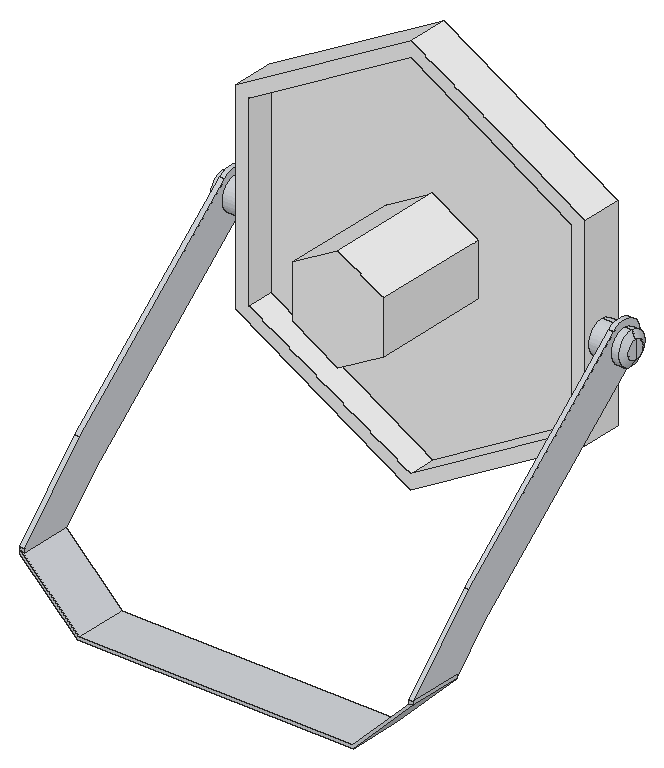
Revit family "Lighting-Proiezione-GEWISS-ESALITE-FL-PROIETTORI-LED_12K_DALI", category Apparecchi per illuminazione, host Superficie, Revit 2019 (continued)
Types (12, lengths in mm): name | Versioni | Temperatura di colore: | Scheda Tecnica | Ottica | built-in parameter 1150142 | Modello | Lumen output (lm) | IDT | Flusso nominale (lm) | File diagramma fotometrico | Descrizione
  GWS6422GD30K - ESALITE 12K 30° 3000K PRO+V GR.DALI | "Luce calda 3000K" | "3000 K (CRI>80)" | "https://www.gewiss.com/it/it/search?q=GWS6422GD30K" | "30°" | "IESNA:LM-63-2002\r\n[TEST] GWS6422GD30K\r\n[TESTLAB] GEWISS\r\n[TESTDATE] 31 Aug 2018\r\n[ISSUEDATE] 31 Aug 2018\r\n[MANUFAC] GEWISS\r\n[LUMCAT] GWS6422GD30K\r\n[LUMINAIRE] ESALITE FL 12K+GLAS 30° GR. DALI LED830\r\n[FLASHAREA] 0.030706\r\n[LAMPCAT] LED 112W/3000K - 10800lm\r\n[LAMP] LED 112W/3000K - 10800lm\r\nTILT=NONE\r\n1 10800.00 1.0 34 19 1 2 -0.402 -0.402 0.000\r\n1.00 1.00 112.00\r\n0.00 1.00 2.00 3.00 4.00 5.00 6.00 7.00 8.00 9.00 10.00 \r\n11.00 12.00 13.00 14.00 15.00 17.50 20.00 22.50 25.00 \r\n27.50 30.00 35.00 40.00 45.00 50.00 55.00 60.00 65.00 \r\n70.00 75.00 80.00 85.00 90.00 \r\n0.00 5.00 10.00 15.00 20.00 25.00 30.00 35.00 40.00 45.00 \r\n50.00 55.00 60.00 65.00 70.00 75.00 80.00 85.00 90.00 \r\n20023.20 19867.68 19446.48 18780.12 18014.40 17047.80 \r\n15987.24 14801.40 13611.24 12410.28 11331.36 10443.49 \r\n9832.10 9406.04 9097.60 8846.93 8139.10 7166.02 6088.28 \r\n5236.92 4624.13 4073.33 2976.48 1936.55 809.02 641.46 \r\n642.24 719.45 622.80 499.82 377.07 242.77 91.82 0.31 \r\n20023.20 19856.88 19436.76 18777.96 18007.92 17061.84 \r\n16002.36 14824.08 13641.48 12449.16 11381.04 10500.52 \r\n9895.72 9467.50 9160.99 8913.24 8209.51 7234.06 6151.68 \r\n5285.95 4661.60 4105.84 2998.73 1948.86 811.10 640.90 \r\n641.35 717.75 624.62 499.99 379.24 246.40 92.51 0.31 \r\n20023.20 19862.28 19441.08 18781.20 18004.68 17061.84 \r\n15996.96 14817.60 13628.52 12431.88 11358.36 10482.48 \r\n9874.76 9442.22 9137.23 8888.29 8188.45 7211.92 6140.02 \r\n5267.81 4646.27 4095.04 2996.03 1943.57 811.37 642.34 \r\n641.74 714.50 626.10 498.45 384.05 249.25 93.34 0.32 \r\n20023.20 19862.28 19442.16 18788.76 18007.92 17051.04 \r\n15984.00 14804.64 13610.16 12409.20 11336.76 10468.22 \r\n9856.51 9419.11 9115.85 8865.61 8184.24 7209.00 6142.82 \r\n5256.90 4632.98 4091.58 3001.00 1944.22 813.05 641.95 \r\n641.07 711.97 625.61 497.51 391.26 251.11 91.88 0.34 \r\n20023.20 19863.36 19442.16 18800.64 18026.28 17068.32 \r\n16002.36 14824.08 13633.92 12437.28 11361.60 10486.37 \r\n9868.39 9429.59 9123.62 8874.68 8208.54 7243.02 6170.80 \r\n5271.70 4636.55 4099.79 3011.58 1943.14 812.49 641.97 \r\n641.03 708.04 625.32 499.39 398.75 253.18 90.08 0.35 \r\n20023.20 19862.28 19442.16 18804.96 18023.04 17059.68 \r\n15998.04 14821.92 13628.52 12430.80 11362.68 10487.12 \r\n9870.88 9429.26 9116.71 8869.50 8211.56 7247.77 6170.15 \r\n5264.46 4625.86 4094.50 3022.49 1949.29 815.48 642.64 \r\n640.97 709.35 627.13 501.63 399.95 252.31 89.27 0.38 \r\n20023.20 19863.36 19437.84 18790.92 18028.44 17061.84 \r\n16000.20 14815.44 13619.88 12418.92 11355.12 10469.95 \r\n9854.68 9411.34 9096.73 8844.66 8195.58 7242.59 6167.12 \r\n5256.90 4612.14 4083.26 3024.43 1950.05 815.07 641.20 \r\n638.71 707.57 626.12 500.48 399.97 250.46 86.83 0.39 \r\n20023.20 19863.36 19452.96 18811.44 18046.80 17088.84 \r\n16019.64 14841.36 13651.20 12454.56 11384.28 10494.25 \r\n9882.22 9439.63 9122.22 8867.45 8223.12 7272.07 6190.02 \r\n5271.48 4617.76 4090.18 3035.34 1956.64 816.37 642.72 \r\n639.66 709.67 629.26 501.72 401.40 250.89 87.77 0.41 \r\n20023.20 19856.88 19441.08 18803.88 18033.84 17080.20 \r\n16004.52 14828.40 13640.40 12441.60 11372.40 10477.51 \r\n9862.99 9416.95 9097.38 8842.50 8199.36 7246.91 6170.15 \r\n5252.15 4599.83 4079.38 3032.42 1954.48 818.14 642.95 \r\n638.96 710.34 629.64 499.12 400.92 251.11 87.79 0.43 \r\n20023.20 19851.48 19442.16 18811.44 18036.00 17079.12 \r\n16004.52 14824.08 13636.08 12434.04 11362.68 10468.12 \r\n9855.22 9408.53 9091.01 8834.40 8192.12 7246.37 6177.60 \r\n5258.20 4602.42 4081.54 3033.94 1954.80 818.10 641.92 \r\n638.43 714.03 629.91 496.62 394.51 248.38 89.59 0.45 \r\n20023.20 19862.28 19452.96 18826.56 18051.12 17093.16 \r\n16016.40 14832.72 13643.64 12438.36 11362.68 10465.63 \r\n9849.49 9397.30 9078.48 8819.60 8177.22 7235.14 6170.80 \r\n5249.02 4594.75 4073.44 3028.10 1952.64 817.66 641.75 \r\n638.36 721.80 630.73 498.41 385.16 248.38 91.30 0.47 \r\n20023.20 19867.68 19457.28 18823.32 18057.60 17107.20 \r\n16019.64 14832.72 13641.48 12439.44 11370.24 10478.70 \r\n9860.40 9407.77 9083.45 8819.71 8164.91 7221.20 6160.86 \r\n5245.02 4597.34 4071.92 3027.13 1952.32 821.08 642.58 \r\n638.86 725.50 628.57 499.72 380.19 243.16 89.68 0.49 \r\n20023.20 19867.68 19467.00 18833.04 18065.16 17125.56 \r\n16042.32 14858.64 13672.80 12474.00 11406.96 10519.09 \r\n9896.26 9444.71 9113.80 8843.58 8182.40 7237.51 6177.38 \r\n5270.08 4624.78 4090.72 3031.13 1958.80 825.18 643.15 \r\n639.53 727.13 629.69 501.49 380.57 240.68 89.20 0.51 \r\n20023.20 19862.28 19452.96 18826.56 18051.12 17114.76 \r\n16031.52 14842.44 13652.28 12451.32 11378.88 10492.74 \r\n9867.74 9415.66 9078.16 8806.75 8141.26 7199.39 6148.33 \r\n5258.52 4622.94 4089.96 3026.27 1956.42 823.55 641.09 \r\n637.37 722.97 628.07 498.54 379.68 244.17 89.81 0.53 \r\n20023.20 19873.08 19468.08 18836.28 18065.16 17122.32 \r\n16033.68 14850.00 13662.00 12462.12 11391.84 10513.48 \r\n9892.04 9437.58 9097.49 8817.23 8141.36 7195.93 6145.74 \r\n5260.79 4630.50 4094.06 3028.86 1958.04 824.66 642.54 \r\n638.47 719.98 630.72 497.94 382.20 246.94 88.76 0.54 \r\n20023.20 19868.76 19463.76 18837.36 18067.32 17130.96 \r\n16046.64 14866.20 13680.36 12482.64 11413.44 10550.63 \r\n9928.55 9472.79 9125.14 8839.58 8150.00 7193.34 6144.23 \r\n5268.78 4647.13 4106.38 3035.66 1962.68 827.42 643.18 \r\n638.92 715.90 630.83 497.87 395.45 243.73 86.57 0.57 \r\n20023.20 19874.16 19469.16 18836.28 18077.04 17128.80 \r\n16042.32 14851.08 13657.68 12452.40 11372.40 10514.02 \r\n9891.50 9434.99 9083.23 8795.30 8092.98 7135.02 6104.48 \r\n5246.53 4637.09 4097.52 3027.56 1958.69 826.96 643.24 \r\n638.36 710.75 628.81 496.30 398.09 244.35 83.62 0.58 \r\n20023.20 19874.16 19463.76 18837.36 18060.84 17140.68 \r\n16048.80 14859.72 13668.48 12463.20 11379.96 10536.05 \r\n9915.37 9454.86 9105.91 8819.17 8112.96 7147.55 6117.88 \r\n5256.79 4649.08 4106.92 3033.50 1965.49 829.67 643.15 \r\n638.60 710.04 628.92 496.26 397.12 244.91 84.15 0.60 \r\n20023.20 19867.68 19457.28 18836.28 18081.36 17138.52 \r\n16063.92 14869.44 13677.12 12476.16 11391.84 10551.92 \r\n9931.25 9471.60 9131.72 8839.69 8118.14 7140.20 6106.86 \r\n5248.91 4639.68 4098.06 3029.29 1964.84 828.55 643.42 \r\n638.97 709.35 627.77 497.23 394.78 250.95 82.45 0.60 \r\n" | "GWS6422GD30K" | "10800" | "af8b1cbe69764850b4f1b65c186a3546" | "14000" | "GWS6422GD30K.IES" | "ESALITE 12K 30° 3000K PRO+V GR.DALI"
  GWS6422GD57K - ESALITE 12K 30° 5700K PRO+V GR.DALI | "Luce fredda 5700K" | "5700 K (CRI>80)" | "https://www.gewiss.com/it/it/search?q=GWS6422GD57K" | "30°" | "IESNA:LM-63-2002\r\n[TEST] GWS6422GD57K\r\n[TESTLAB] GEWISS\r\n[TESTDATE] 31 Aug 2018\r\n[ISSUEDATE] 31 Aug 2018\r\n[MANUFAC] GEWISS\r\n[LUMCAT] GWS6422GD57K\r\n[LUMINAIRE] ESALITE FL 12K+GLAS 30° GR. DALI LED857\r\n[FLASHAREA] 0.030706\r\n[LAMPCAT] LED 112W/5700K - 11600lm\r\n[LAMP] LED 112W/5700K - 11600lm\r\nTILT=NONE\r\n1 11600.00 1.0 34 19 1 2 -0.402 -0.402 0.000\r\n1.00 1.00 112.00\r\n0.00 1.00 2.00 3.00 4.00 5.00 6.00 7.00 8.00 9.00 10.00 \r\n11.00 12.00 13.00 14.00 15.00 17.50 20.00 22.50 25.00 \r\n27.50 30.00 35.00 40.00 45.00 50.00 55.00 60.00 65.00 \r\n70.00 75.00 80.00 85.00 90.00 \r\n0.00 5.00 10.00 15.00 20.00 25.00 30.00 35.00 40.00 45.00 \r\n50.00 55.00 60.00 65.00 70.00 75.00 80.00 85.00 90.00 \r\n21506.40 21339.36 20886.96 20171.24 19348.80 18310.60 \r\n17171.48 15897.80 14619.48 13329.56 12170.72 11217.08 \r\n10560.41 10102.79 9771.49 9502.26 8741.99 7696.83 6539.27 \r\n5624.84 4966.66 4375.06 3196.96 2080.00 868.94 688.97 \r\n689.82 772.75 668.94 536.85 405.00 260.76 98.62 0.33 \r\n21506.40 21327.76 20876.52 20168.92 19341.84 18325.68 \r\n17187.72 15922.16 14651.96 13371.32 12224.08 11278.33 \r\n10628.73 10168.79 9839.58 9573.48 8817.62 7769.91 6607.36 \r\n5677.50 5006.91 4409.97 3220.86 2093.22 871.18 688.38 \r\n688.85 770.91 670.89 537.02 407.33 264.65 99.36 0.33 \r\n21506.40 21333.56 20881.16 20172.40 19338.36 18325.68 \r\n17181.92 15915.20 14638.04 13352.76 12199.72 11258.96 \r\n10606.23 10141.65 9814.06 9546.68 8795.00 7746.13 6594.83 \r\n5658.02 4990.44 4398.37 3217.96 2087.54 871.47 689.92 \r\n689.27 767.42 672.48 535.37 412.50 267.72 100.26 0.35 \r\n21506.40 21333.56 20882.32 20180.52 19341.84 18314.08 \r\n17168.00 15901.28 14618.32 13328.40 12176.52 11243.65 \r\n10586.62 10116.82 9791.10 9522.32 8790.48 7743.00 6597.85 \r\n5646.30 4976.17 4394.66 3223.29 2088.23 873.27 689.50 \r\n688.55 764.71 671.95 534.37 420.24 269.71 98.69 0.36 \r\n21506.40 21334.72 20882.32 20193.28 19361.56 18332.64 \r\n17187.72 15922.16 14643.84 13358.56 12203.20 11263.14 \r\n10599.38 10128.08 9799.45 9532.07 8816.58 7779.54 6627.89 \r\n5662.19 4980.00 4403.48 3234.66 2087.07 872.68 689.53 \r\n688.52 760.48 671.64 536.38 428.28 271.94 96.75 0.38 \r\n21506.40 21333.56 20882.32 20197.92 19358.08 18323.36 \r\n17183.08 15919.84 14638.04 13351.60 12204.36 11263.95 \r\n10602.05 10127.73 9792.02 9526.50 8819.83 7784.64 6627.20 \r\n5654.42 4968.51 4397.79 3246.38 2093.68 875.88 690.25 \r\n688.45 761.90 673.59 538.79 429.57 271.00 95.88 0.41 \r\n21506.40 21334.72 20877.68 20182.84 19363.88 18325.68 \r\n17185.40 15912.88 14628.76 13338.84 12196.24 11245.50 \r\n10584.65 10108.47 9770.56 9499.82 8802.66 7779.08 6623.95 \r\n5646.30 4953.78 4385.73 3248.46 2094.50 875.44 688.69 \r\n686.02 759.99 672.50 537.56 429.59 269.02 93.26 0.42 \r\n21506.40 21334.72 20893.92 20204.88 19383.60 18354.68 \r\n17206.28 15940.72 14662.40 13377.12 12227.56 11271.60 \r\n10614.23 10138.86 9797.94 9524.30 8832.24 7810.74 6648.54 \r\n5661.96 4959.81 4393.15 3260.18 2101.57 876.84 690.33 \r\n687.04 762.24 675.87 538.89 431.14 269.48 94.27 0.44 \r\n21506.40 21327.76 20881.16 20196.76 19369.68 18345.40 \r\n17190.04 15926.80 14650.80 13363.20 12214.80 11253.62 \r\n10593.58 10114.50 9771.26 9497.50 8806.72 7783.72 6627.20 \r\n5641.20 4940.56 4381.55 3257.05 2099.25 878.75 690.57 \r\n686.29 762.96 676.28 536.09 430.62 269.71 94.29 0.46 \r\n21506.40 21321.96 20882.32 20204.88 19372.00 18344.24 \r\n17190.04 15922.16 14646.16 13355.08 12204.36 11243.53 \r\n10585.23 10105.46 9764.42 9488.80 8798.95 7783.14 6635.20 \r\n5647.69 4943.34 4383.87 3258.67 2099.60 878.70 689.47 \r\n685.72 766.92 676.57 533.40 423.74 266.78 96.22 0.48 \r\n21506.40 21333.56 20893.92 20221.12 19388.24 18359.32 \r\n17202.80 15931.44 14654.28 13359.72 12204.36 11240.86 \r\n10579.08 10093.39 9750.96 9472.91 8782.94 7771.07 6627.89 \r\n5637.83 4935.10 4375.17 3252.41 2097.28 878.22 689.28 \r\n685.64 775.26 677.45 535.33 413.69 266.78 98.06 0.51 \r\n21506.40 21339.36 20898.56 20217.64 19395.20 18374.40 \r\n17206.28 15931.44 14651.96 13360.88 12212.48 11254.90 \r\n10590.80 10104.64 9756.30 9473.02 8769.72 7756.11 6617.22 \r\n5633.54 4937.89 4373.55 3251.36 2096.93 881.90 690.18 \r\n686.19 779.24 675.13 536.73 408.35 261.17 96.32 0.53 \r\n21506.40 21339.36 20909.00 20228.08 19403.32 18394.12 \r\n17230.64 15959.28 14685.60 13398.00 12251.92 11298.28 \r\n10629.31 10144.32 9788.89 9498.66 8788.51 7773.62 6634.97 \r\n5660.45 4967.35 4393.73 3255.66 2103.89 886.31 690.79 \r\n686.91 780.99 676.34 538.63 408.76 258.51 95.81 0.55 \r\n21506.40 21333.56 20893.92 20221.12 19388.24 18382.52 \r\n17219.04 15941.88 14663.56 13373.64 12221.76 11269.98 \r\n10598.69 10113.11 9750.61 9459.10 8744.31 7732.68 6603.76 \r\n5648.04 4965.38 4392.92 3250.44 2101.34 884.56 688.58 \r\n684.59 776.53 674.60 535.47 407.81 262.25 96.46 0.57 \r\n21506.40 21345.16 20910.16 20231.56 19403.32 18390.64 \r\n17221.36 15950.00 14674.00 13385.24 12235.68 11292.25 \r\n10624.79 10136.66 9771.38 9470.36 8744.43 7728.96 6600.98 \r\n5650.48 4973.50 4397.33 3253.22 2103.08 885.74 690.13 \r\n685.77 773.31 677.44 534.83 410.51 265.23 95.33 0.58 \r\n21506.40 21340.52 20905.52 20232.72 19405.64 18399.92 \r\n17235.28 15967.40 14693.72 13407.28 12258.88 11332.16 \r\n10664.00 10174.48 9801.07 9494.37 8753.71 7726.18 6599.36 \r\n5659.06 4991.36 4410.55 3260.53 2108.07 888.71 690.83 \r\n686.24 768.93 677.56 534.75 424.75 261.79 92.98 0.61 \r\n21506.40 21346.32 20911.32 20231.56 19416.08 18397.60 \r\n17230.64 15951.16 14669.36 13374.80 12214.80 11292.83 \r\n10624.21 10133.88 9756.06 9446.81 8692.46 7663.54 6556.67 \r\n5635.16 4980.58 4401.04 3251.83 2103.78 888.21 690.88 \r\n685.64 763.40 675.39 533.07 427.58 262.45 89.81 0.62 \r\n21506.40 21346.32 20905.52 20232.72 19398.68 18410.36 \r\n17237.60 15960.44 14680.96 13386.40 12222.92 11316.50 \r\n10649.84 10155.22 9780.42 9472.44 8713.92 7677.00 6571.05 \r\n5646.18 4993.45 4411.13 3258.21 2111.08 891.12 690.79 \r\n685.91 762.63 675.50 533.02 426.53 263.05 90.38 0.64 \r\n21506.40 21339.36 20898.56 20231.56 19420.72 18408.04 \r\n17253.84 15970.88 14690.24 13400.32 12235.68 11333.55 \r\n10666.90 10173.20 9808.15 9494.48 8719.49 7669.11 6559.22 \r\n5637.72 4983.36 4401.62 3253.68 2110.39 889.93 691.08 \r\n686.30 761.90 674.27 534.06 424.03 269.54 88.56 0.64 \r\n" | "GWS6422GD57K" | "11600" | "e11d2f219eea4baaaad22e94d2d435ad" | "15000" | "GWS6422GD57K.IES" | "ESALITE 12K 30° 5700K PRO+V GR.DALI"
  GWS6423GD - ESALITE 12K 60° 4000K PRO+V GR.DALI | "Luce naturale 4000K" | "4000 K (CRI>80)" | "https://www.gewiss.com/it/it/search?q=GWS6423GD" | "60°" | "IESNA:LM-63-2002\r\n[TEST] GWS6423GD\r\n[TESTLAB] GEWISS\r\n[TESTDATE] 31 Aug 2018\r\n[ISSUEDATE] 31 Aug 2018\r\n[MANUFAC] GEWISS\r\n[LUMCAT] GWS6423GD\r\n[LUMINAIRE] ESALITE FL 12K+GLAS 60° GR. DALI LED840\r\n[FLASHAREA] 0.030706\r\n[LAMPCAT] LED 112W/4000K - 11900lm\r\n[LAMP] LED 112W/4000K - 11900lm\r\nTILT=NONE\r\n1 11900.00 1.0 39 19 1 2 -0.402 -0.402 0.000\r\n1.00 1.00 112.00\r\n0.00 1.00 2.00 3.00 4.00 5.00 6.00 7.00 8.00 9.00 10.00 \r\n11.00 12.00 13.00 14.00 15.00 16.00 17.00 18.00 19.00 \r\n20.00 22.50 25.00 27.50 30.00 32.50 35.00 37.50 40.00 \r\n45.00 50.00 55.00 60.00 65.00 70.00 75.00 80.00 85.00 \r\n90.00 \r\n0.00 5.00 10.00 15.00 20.00 25.00 30.00 35.00 40.00 45.00 \r\n50.00 55.00 60.00 65.00 70.00 75.00 80.00 85.00 90.00 \r\n8596.44 8584.90 8553.84 8520.28 8519.09 8572.40 8686.64 \r\n8839.56 9004.25 9194.77 9393.03 9600.33 9798.46 10012.30 \r\n10224.72 10454.03 10698.93 10960.73 11261.33 11572.16 \r\n11840.14 11567.75 9133.25 5549.68 3583.45 2280.16 1374.33 \r\n1230.34 1192.62 1100.94 959.57 883.50 800.81 719.94 \r\n623.25 654.88 466.68 106.83 3.00 \r\n8596.44 8586.33 8555.51 8522.90 8519.81 8574.55 8689.74 \r\n8842.18 9007.35 9200.96 9401.36 9609.61 9806.79 10018.85 \r\n10232.10 10462.12 10710.24 10973.70 11274.42 11586.67 \r\n11855.02 11572.51 9115.76 5523.98 3572.50 2266.24 1364.57 \r\n1221.65 1182.68 1076.38 940.11 876.63 795.69 714.32 \r\n618.86 650.68 469.65 108.32 2.98 \r\n8596.44 8585.61 8555.98 8522.54 8521.35 8575.38 8689.26 \r\n8842.41 9010.20 9200.60 9403.86 9610.92 9809.05 10021.35 \r\n10235.43 10465.69 10713.33 10978.34 11278.11 11592.50 \r\n11863.94 11589.65 9136.46 5542.54 3579.52 2277.78 1366.83 \r\n1223.32 1184.99 1074.76 937.65 876.61 796.34 714.79 \r\n618.17 646.29 473.38 97.67 2.97 \r\n8596.44 8584.18 8556.22 8520.99 8519.09 8572.52 8684.50 \r\n8838.01 9005.33 9197.99 9399.69 9607.23 9804.41 10015.16 \r\n10228.65 10456.41 10705.00 10968.47 11268.47 11583.46 \r\n11856.68 11586.32 9129.08 5539.69 3583.68 2286.82 1373.02 \r\n1229.75 1192.86 1083.85 947.39 883.55 802.67 718.78 \r\n617.66 631.02 450.34 99.53 2.98 \r\n8596.44 8585.49 8557.17 8523.61 8522.18 8576.81 8689.98 \r\n8844.91 9012.82 9206.55 9409.81 9614.49 9811.43 10021.82 \r\n10234.83 10461.89 10709.64 10973.47 11273.23 11592.50 \r\n11870.61 11594.29 9116.95 5531.48 3583.92 2283.25 1366.60 \r\n1224.15 1192.02 1112.28 964.40 890.33 795.11 715.14 \r\n612.78 606.97 394.20 86.57 2.89 \r\n8596.44 8582.99 8553.84 8520.16 8517.07 8571.09 8682.36 \r\n8835.75 9005.21 9198.11 9400.05 9603.90 9800.60 10009.57 \r\n10221.86 10447.13 10693.82 10958.71 11261.21 11583.82 \r\n11864.54 11598.69 9125.16 5545.04 3594.51 2293.13 1374.93 \r\n1231.77 1202.38 1135.33 979.27 897.45 796.87 719.84 \r\n612.12 600.25 382.31 67.96 2.86 \r\n8596.44 8586.09 8556.34 8523.26 8520.04 8573.59 8686.64 \r\n8839.80 9009.85 9203.82 9405.52 9609.96 9806.55 10014.09 \r\n10223.65 10447.37 10694.41 10962.76 11265.97 11588.70 \r\n11870.84 11598.22 9112.43 5538.26 3588.45 2289.20 1371.12 \r\n1228.79 1198.45 1113.08 966.40 892.44 794.10 716.83 \r\n609.18 598.94 388.84 66.84 2.76 \r\n8596.44 8586.92 8558.48 8524.92 8521.23 8575.97 8690.33 \r\n8846.22 9016.99 9212.27 9413.26 9618.77 9813.93 10019.44 \r\n10228.88 10451.29 10699.77 10966.33 11272.99 11596.43 \r\n11878.70 11605.95 9111.83 5541.59 3592.97 2287.42 1370.52 \r\n1229.98 1202.61 1137.40 981.07 895.61 794.99 719.40 \r\n611.41 602.47 388.33 67.20 2.71 \r\n8596.44 8586.09 8555.74 8522.07 8517.54 8573.12 8688.90 \r\n8844.08 9018.77 9212.74 9415.88 9622.22 9816.19 10019.32 \r\n10226.27 10447.49 10695.13 10964.78 11270.13 11597.38 \r\n11884.65 11614.40 9118.49 5548.38 3600.46 2284.20 1366.24 \r\n1226.30 1197.38 1118.22 969.27 891.66 794.77 717.49 \r\n615.42 610.18 403.49 82.20 2.57 \r\n8596.44 8588.83 8558.60 8525.16 8520.76 8575.85 8690.81 \r\n8850.15 9025.56 9220.24 9424.56 9628.89 9821.55 10023.85 \r\n10228.17 10446.65 10694.17 10962.28 11267.75 11593.22 \r\n11878.94 11606.07 9100.29 5533.02 3599.87 2281.71 1362.31 \r\n1223.44 1189.80 1079.54 942.86 875.58 794.34 715.29 \r\n618.37 634.17 444.13 98.32 2.43 \r\n8596.44 8588.71 8560.15 8524.45 8521.11 8576.21 8694.38 \r\n8854.67 9031.15 9230.47 9437.53 9641.38 9834.87 10036.22 \r\n10239.36 10458.20 10706.79 10974.30 11281.32 11609.28 \r\n11895.60 11620.83 9105.17 5535.17 3612.72 2289.80 1368.86 \r\n1230.10 1195.24 1081.04 943.98 878.41 795.44 717.02 \r\n624.32 653.56 473.91 94.84 2.30 \r\n8596.44 8588.71 8557.05 8522.66 8518.26 8574.07 8692.24 \r\n8853.72 9031.98 9234.28 9440.98 9644.47 9838.92 10040.39 \r\n10243.88 10460.34 10707.98 10974.42 11280.96 11608.93 \r\n11895.84 11623.21 9110.76 5542.90 3620.22 2292.18 1368.14 \r\n1229.98 1195.36 1083.36 946.75 879.34 794.94 716.19 \r\n624.19 655.64 469.10 104.90 2.12 \r\n8596.44 8587.40 8557.05 8522.07 8516.12 8571.57 8690.21 \r\n8852.77 9032.93 9234.28 9442.17 9645.66 9839.40 10038.96 \r\n10241.74 10456.05 10700.84 10966.80 11274.18 11605.48 \r\n11894.88 11603.57 9084.10 5520.53 3618.43 2284.20 1363.38 \r\n1226.41 1194.16 1099.88 957.64 876.74 791.79 715.15 \r\n623.82 658.20 460.26 102.68 1.92 \r\n8596.44 8587.52 8558.36 8523.49 8517.78 8576.69 8695.81 \r\n8858.12 9040.55 9242.85 9451.10 9656.61 9849.99 10049.79 \r\n10252.80 10470.69 10715.12 10981.56 11291.20 11626.06 \r\n11917.85 11614.04 9093.98 5526.12 3628.31 2283.49 1361.36 \r\n1225.22 1191.19 1081.48 942.99 873.56 791.49 713.37 \r\n622.82 653.64 469.07 103.88 1.73 \r\n8596.44 8587.52 8557.89 8521.71 8517.31 8574.19 8691.88 \r\n8857.88 9039.36 9242.73 9453.24 9659.11 9852.13 10052.29 \r\n10253.04 10468.67 10712.74 10978.11 11289.29 11623.68 \r\n11917.85 11616.18 9096.00 5522.31 3631.64 2277.78 1353.86 \r\n1219.51 1185.05 1078.00 938.84 871.69 791.10 712.83 \r\n621.51 649.55 476.86 94.48 1.52 \r\n8596.44 8586.09 8557.05 8519.57 8515.05 8571.93 8692.12 \r\n8858.95 9041.14 9246.06 9455.38 9664.11 9857.96 10060.26 \r\n10261.85 10480.21 10724.52 10988.22 11304.88 11642.84 \r\n11936.89 11634.75 9117.07 5538.38 3649.02 2285.28 1351.48 \r\n1217.25 1181.93 1081.26 941.58 872.37 791.78 713.39 \r\n615.88 630.56 445.02 98.43 1.32 \r\n8596.44 8588.11 8557.77 8518.50 8515.28 8572.88 8692.95 \r\n8858.84 9042.10 9245.94 9454.31 9661.97 9854.27 10054.19 \r\n10254.83 10474.86 10721.90 10988.46 11302.62 11636.77 \r\n11927.37 11611.90 9096.48 5523.62 3652.35 2281.35 1345.06 \r\n1214.04 1184.04 1119.22 963.36 886.59 789.23 716.12 \r\n612.50 603.84 418.36 81.90 1.16 \r\n8596.44 8590.02 8559.55 8520.64 8518.02 8576.21 8694.14 \r\n8862.52 9045.07 9251.77 9459.67 9668.27 9859.39 10059.55 \r\n10261.73 10481.28 10726.78 10995.01 11308.57 11645.46 \r\n11935.70 11623.56 9108.62 5529.69 3658.06 2284.20 1346.72 \r\n1216.66 1188.70 1140.06 978.16 892.36 788.91 718.82 \r\n612.92 598.20 405.53 67.62 1.05 \r\n8596.44 8588.59 8558.48 8517.90 8515.16 8571.33 8691.64 \r\n8859.19 9043.76 9249.39 9457.64 9665.89 9855.70 10056.09 \r\n10257.80 10477.83 10724.04 10989.89 11304.17 11642.01 \r\n11933.32 11623.80 9126.59 5545.04 3665.44 2289.32 1352.67 \r\n1222.25 1193.57 1118.06 971.75 892.52 793.14 719.41 \r\n610.08 591.55 377.91 68.45 1.02 \r\n" | "GWS6423GD" | "11900" | "f10346a8f543464eb083d6a10fd8f8ef" | "15000" | "GWS6423GD.IES" | "ESALITE 12K 60° 4000K PRO+V GR.DALI"
